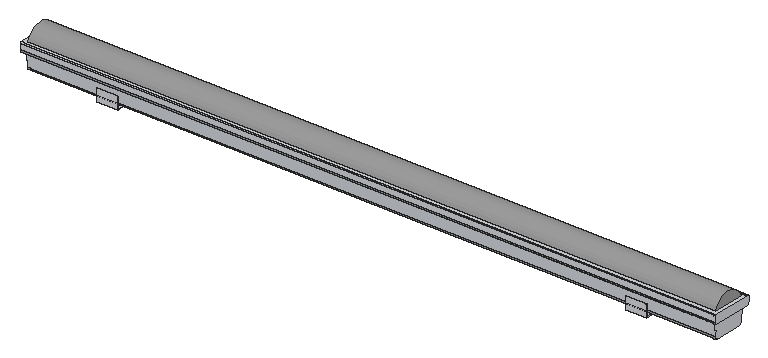
Revit family "0010279", category Lighting Fixtures, host Face, Revit 2017
Family settings
  Host = Face
  Round Connector Dimension = Use Diameter
  Part Type = Normal
  OmniClass Number = 23.80.70.00
  OmniClass Title = Lighting
  Cut with Voids When Loaded = No
  Light Source = Yes
  Shared = No
  Room Calculation Point = No
Parameters (values of type "0010279 RESISTO 1500 HE IP66 DALI 8300LM 840")
  Weight = "2.01 kg"
  Wattage Comments = ""
  Wattage = 54 W
  WarrantyStartDate [instance] = "n/a"
  WarrantyGuarantorParts = "n/a"
  WarrantyDurationUnit = "n/a"
  WarrantyDurationParts = "n/a"
  WarrantyDescription = "n/a"
  WIDTH_SYL = 44.5 mm
  built-in parameter 1150110 = 1 (stored number, unit not read)
  Voltage = 0 V
  URL = "http://www.sylvania-lighting.com"
  TypeName = "Resisto 1500 HE IP66 DALI 8300lm 840"
  Type Image = <None>
  Type Comments = "n/a"
  built-in parameter 1114217 = 1 (stored number, unit not read)
  Tilt Angle = -90.00°
  built-in parameter 1150109 = 1 (stored number, unit not read)
  built-in parameter 1150134 = 12
  TOP_WIDTH_SYL = 33.5 mm
  built-in parameter 1150113 = 1 (stored number, unit not read)
  SerialNumber [instance] = "n/a"
  Photometric Web File = "0010279.ies"
  Material_3_SYL = none
  PowerFactor = 0.99
  PowerConsumption = "54 W"
  NominalLength = 1500 mm
  NominalHeight = 80 mm
  NominalDepth = 87 mm
  Name = "Resisto 1500 HE IP66 DALI 8300lm 840"
  ModelReference = Name  # "Resisto 1500 HE IP66 DALI 8300lm 840"
  ModelNumber = "0010279"
  Model = Name  # "Resisto 1500 HE IP66 DALI 8300lm 840"
  Material = "pc polycarbonate housing, pc polycarbonate diffuser"
  ManufacturerName = "Feilo Sylvania"
  Manufacturer = "Feilo Sylvania"
  MID_WIDTH_SYL = 36 mm
  LuminousEfficacy = "154 lm/W"
  built-in parameter 1150105 = 2773 (stored number, unit not read)
  Lumens = 8316 lm
  LuminaireType = ""
  built-in parameter 1150115 = 1 (stored number, unit not read)
  LightOutputRatio = "n/a"
  built-in parameter 1150137 = (empty or 0)
  built-in parameter 1150139 = (empty or 0)
  LampsType = Lamp  # "LED"
  LampNominalLuminous = "8300 lm"
  LampMacAdamStep = "3"
  LampColourTemperature = "4000 K"
  LampColourRenderingIndex = "80"
  built-in parameter 1150112 = 1 (stored number, unit not read)
  built-in parameter 1150114 = 1 (stored number, unit not read)
  Lamp = "LED"
  LENGHT_SYL = if(L1500_SYL, 742 mm, if(L1200_SYL, 592 mm, 317 mm))  # 742 mm
  LENGHT_CHAMFER_SYL = if(L1500_SYL, 750 mm, if(L1200_SYL, 600 mm, 325 mm))  # 750 mm
  LENGHT_650_SYL = 325 mm
  LENGHT-_SYL = if(L1500_SYL, -742 mm, if(L1200_SYL, -592 mm, -317 mm))  # -742 mm
  LENGHT-_CHAMFER_SYL = if(L1500_SYL, -750 mm, if(L1200_SYL, -600 mm, -325 mm))  # -750 mm
  LEGHT_650-_SYL = -325 mm
  LEGHT_1500_SYL = 750 mm
  LEGHT_1500-_SYL = -750 mm
  LEGHT_1200_SYL = 600 mm
  LEGHT_1200-_SYL = -600 mm
  L0650_SYL = no
  L1500_SYL = yes
  L1200_SYL = no
  Keynote = "16500"
  InstallationDate [instance] = "n/a"
  InputVoltage = "n/a"
  InputNominalFrequency = "n/a"
  built-in parameter 1150132 = (empty or 0)
  built-in parameter 1150102 = (empty or 0)
  built-in parameter 1150107 = 4000 (stored number, unit not read)
  built-in parameter 1150138 = (empty or 0)
  IngressProtection = "IP66"
  ImpactProtectionIndex = "IK08"
  built-in parameter 1150106 = 27.73 (stored number, unit not read)
  IfcExportType = "IfcLightFixtureType"
  IfcExportAs = "IfcLightFixtureType"
  Emit from Circle Diameter = 609.6 mm
  Emit Shape Visible in Rendering = no
  ElectricShockClassification = "Class I"
  built-in parameter 1150104 = 14.307 (stored number, unit not read)
  DocumentationLiterature = "http://www.sylvania-lighting.com/product/en-int/products/0010279"
  DimmingControlOptions = "n/a"
  Material_2_SYL = none
  Dimming Lamp Color Temperature Shift = <None>
  Description = "Resisto, integrated LED weatherproof luminaire, with UV stabilized flat diffuser designed to achieve uniform lit appearance, optimise light output and to reduce glare. 301 stainless steel diffuser clips and fixing brackets for surface mounting. Polycarbonate housing and diffuser - no yellow discolouration over time. 8300lm; 54W; 154lm/W; 4000K; SDCM<3; DALI dimmable; CRI80; IP66; IK08; Class I; 69,000hrs (L80B20) lifespan; 1500mm x 89mm x 88mm; D-mark."
  Default Elevation = 1219.2 mm
  DIF_WIDHT_SYL = 35 mm
  DIF_HEIGHT_SYL = 24 mm
  CreatedOn = "3/10/2021"
  CreatedBy = "@sylvania-lighting.com"
  Cost = 0
  Color Filter = 16777215
  built-in parameter 1114216 [instance] = (empty or 0)
  ClassificationValue = "EF_70_80"
  ClassificationName = "Uniclass2015"
  Material_1_SYL = Default
  CHAMFER_SYL = 19 mm
  BarCode [instance] = "n/a"
  built-in parameter 1114218 = 1 (stored number, unit not read)
  BRACKET_WIDTH_SYL = BRACKET_DIST_SYL - 44 mm  # 550 mm
  BRACKET_HEIGHT_SYL = 9 mm
  BRACKET_DIST_SYL = LENGHT_CHAMFER_SYL - 156 mm  # 594 mm
  BODY_SYL = 36 mm
  built-in parameter 1150133 = 10 (stored number, unit not read)
  AssetType = "Fixed"
  AssetIdentifier [instance] = "n/a"
  Assembly Code = "D5020200"
  Apparent Load = 54 VA
  Material_4_SYL = none
Reference planes
  plane 1 "Center (Front/Back)": y = 0
  plane 2: z = 0
  plane 3 "Center (Left/Right)": x = 0
  plane 4: z = 9
  plane 5: z = 45
  plane 6: z = 64
  plane 7: z = 88
  plane 8: y = -44.5
  plane 9: y = 44.5
  plane 10: y = -35
  plane 11: y = 35
  plane 12: y = 33.5
  plane 13: y = -33.5
  plane 14: y = -36
  plane 15: y = 36
  plane 16: z = 1
Forms (mm)
  Extrusion 1, solid
    sketch origin (319, 1524, 1219.2) x (0, 1, 0) y (0, 0, 1)
      loop
        line (-1552.835, -1210.2) -> (-1495.165, -1210.2)
        arc (-1495.165, -1210.2) -> (-1491.754, -1208.856) -> (-1490.177, -1205.546) r 5
        line (-1490.177, -1205.546) -> (-1488.323, -1178.854) -> (-1488, -1174.2) -> (-1560, -1174.2) -> (-1559.677, -1178.854) -> (-1557.823, -1205.546)
        arc (-1557.823, -1205.546) -> (-1556.246, -1208.856) -> (-1552.835, -1210.2) r 5
    from -742 <- "LENGHT-_SYL" to 742 <- "LENGHT_SYL"
  Extrusion 2, solid, material "Default" <- "Material_1_SYL"
    sketch origin (319, 1524, 1219.2) x (0, 1, 0) y (0, 0, 1)
      loop
        arc (-1490.5, -1155.2) -> (-1524, -1131.2) -> (-1557.5, -1155.2) r 35.38
        line (-1557.5, -1155.2) -> (-1490.5, -1155.2)
    from -742 <- "LENGHT-_SYL" to 742 <- "LENGHT_SYL"
  Extrusion 3, solid
    sketch origin (319, 1524, 1219.2) x (0, 1, 0) y (0, 0, 1)
      loop
        line (-1481.5, -1155.2) -> (-1566.5, -1155.2)
        arc (-1566.5, -1155.2) -> (-1567.914, -1155.786) -> (-1568.5, -1157.2) r 2
        line (-1568.5, -1157.2) -> (-1568.5, -1169.2)
        arc (-1568.5, -1169.2) -> (-1567.036, -1172.736) -> (-1563.5, -1174.2) r 5
        line (-1563.5, -1174.2) -> (-1484.5, -1174.2)
        arc (-1484.5, -1174.2) -> (-1480.964, -1172.736) -> (-1479.5, -1169.2) r 5
        line (-1479.5, -1169.2) -> (-1479.5, -1157.2)
        arc (-1479.5, -1157.2) -> (-1480.086, -1155.786) -> (-1481.5, -1155.2) r 2
    from -750 <- "LENGHT-_CHAMFER_SYL" to 750 <- "LENGHT_CHAMFER_SYL"
  Extrusion 4, solid
    sketch origin (319, 1524, 1219.2) x (0, 1, 0) y (0, 0, 1)
      loop
        line (-1489, -1219.2) -> (-1489, -1192.216) -> (-1490.5, -1192.216) -> (-1490.5, -1218.2) -> (-1557.5, -1218.2) -> (-1557.5, -1192.172) -> (-1559, -1192.172) -> (-1559, -1219.2) -> (-1489, -1219.2)
    from 550 <- "BRACKET_WIDTH_SYL" to 594 <- "BRACKET_DIST_SYL"
  Extrusion 5, solid
    sketch origin (321, 1524, 1219.2) x (0, 1, 0) y (0, 0, -1)
      loop
        line (-1489, 1219.2) -> (-1559, 1219.2) -> (-1559, 1192.172) -> (-1557.5, 1192.172) -> (-1557.5, 1218.2) -> (-1490.5, 1218.2) -> (-1490.5, 1192.216) -> (-1489, 1192.216) -> (-1489, 1219.2)
    from 550 <- "BRACKET_WIDTH_SYL" to 594 <- "BRACKET_DIST_SYL"
Dimensions and locks
  "BRACKET_HEIGHT_SYL": plane 4 to host face
  "BODY_SYL": plane 4 to plane 5
  "CHAMFER_SYL": plane 5 to plane 6
  "DIF_HEIGHT_SYL": plane 6 to plane 7
  "WIDTH_SYL": plane 9 to plane 1 "Center (Front/Back)" to plane 8
  "DIF_WIDHT_SYL": plane 11 to plane 1 "Center (Front/Back)" to plane 10
  "TOP_WIDTH_SYL": plane 12 to plane 1 "Center (Front/Back)" to plane 13
  "MID_WIDTH_SYL": plane 15 to plane 1 "Center (Front/Back)" to plane 14
  aligned and locked: plane 2 to host face
  aligned and locked: level to host face
  aligned and locked: Extrusion 3 sketch curve to plane 6
  aligned and locked: Extrusion 3 sketch curve to plane 9
  aligned and locked: plane 5 to Extrusion 3 sketch curve
  aligned and locked: plane 8 to Extrusion 3 sketch curve
Automatic sketch dimensions
  host sketch curve to host sketch curve = 2438.4 mm  (x2)
  plane 5 to Extrusion 1 sketch curve = 0 mm
  Extrusion 1 sketch curve to plane 14 = 0 mm
  plane 4 to Extrusion 1 sketch curve = 0 mm
  Extrusion 1 sketch curve to plane 15 = 0 mm
  Extrusion 1 sketch curve to plane 14 = 0.323 mm
  plane 13 to Extrusion 1 sketch curve = 0.323 mm
  Extrusion 1 sketch curve to plane 13 = 4.665 mm
  plane 12 to Extrusion 1 sketch curve = 4.665 mm
  Extrusion 1 sketch curve to plane 12 = 0.323 mm
  plane 15 to Extrusion 1 sketch curve = 0.323 mm
  Extrusion 1 sketch curve to plane 4 = 4.654 mm  (x2)
  plane 5 to Extrusion 1 sketch curve = 4.654 mm  (x2)
  plane 6 to Extrusion 2 sketch curve = 0 mm
  Extrusion 2 sketch curve to plane 13 = 0 mm
  Extrusion 2 sketch curve to plane 1 "Center (Front/Back)" = 0 mm
  Extrusion 2 sketch curve to plane 5 = 7.62 mm
  Extrusion 3 sketch curve to plane 8 = 2 mm
  plane 14 to Extrusion 3 sketch curve = 3.5 mm
  Extrusion 3 sketch curve to plane 15 = 3.5 mm
  plane 6 to Extrusion 3 sketch curve = 2 mm
  Extrusion 4 sketch curve to level = 0 mm
  Extrusion 4 sketch curve to plane 10 = 0 mm
  Extrusion 4 sketch curve to plane 13 = 0 mm
  Extrusion 4 sketch curve to plane 12 = 0 mm
  Extrusion 4 sketch curve to plane 11 = 0 mm
  plane 16 to Extrusion 4 sketch curve = 0 mm
  Extrusion 4 sketch curve to plane 4 = 17.984 mm
  plane 5 to Extrusion 4 sketch curve = 17.972 mm
  Extrusion 5 sketch curve to level = 0 mm
  Extrusion 5 sketch curve to plane 10 = 0 mm
  Extrusion 5 sketch curve to plane 13 = 0 mm
  Extrusion 5 sketch curve to plane 12 = 0 mm
  Extrusion 5 sketch curve to plane 11 = 0 mm
  plane 16 to Extrusion 5 sketch curve = 0 mm
  Extrusion 5 sketch curve to plane 4 = 17.984 mm
  plane 5 to Extrusion 5 sketch curve = 17.972 mm
Connectors
  electrical at (-423, 0, 27)
    settings: on Extrusion 1, index 1, voltage 0 V, apparent load 0 VA, apparent load phase1 0 VA, apparent load phase2 0 VA, apparent load phase3 0 VA, power factor 1, load classification "Other", number of poles 1, system type 31, power factor state 1, is connector primary yes, connector utility no, sub classification motor no, connector description ""
Types (60, lengths in mm): name | Weight | Wattage | TypeName | built-in parameter 1150134 | Photometric Web File | PowerFactor | PowerConsumption | NominalLength | Name | ModelReference | ModelNumber | Model | LuminousEfficacy | built-in parameter 1150105 | Lumens | LampNominalLuminous | LampMacAdamStep | LampColourTemperature | LENGHT_SYL | LENGHT_CHAMFER_SYL | LENGHT-_SYL | LENGHT-_CHAMFER_SYL | L0650_SYL | L1500_SYL | L1200_SYL | built-in parameter 1150107 | built-in parameter 1150106 | built-in parameter 1150104 | DocumentationLiterature | Description | BRACKET_WIDTH_SYL | BRACKET_DIST_SYL | Apparent Load
  0010278 RESISTO 1500 HE IP66 8300LM 840 | "1.95 kg" | 54 W | "Resisto 1500 HE IP66 8300lm 840" | 12 | "0010278.ies" | 0.95 | "54 W" | 1500 | "Resisto 1500 HE IP66 8300lm 840" | "Resisto 1500 HE IP66 8300lm 840" | "0010278" | "Resisto 1500 HE IP66 8300lm 840" | "154 lm/W" | 2674.3 (stored number, unit not read) | 8316 lm | "8300 lm" | "3" | "4000 K" | 742 | 750 | -742 | -750 | no | yes | no | 4000 (stored number, unit not read) | 26.743 (stored number, unit not read) | 14.307 (stored number, unit not read) | "http://www.sylvania-lighting.com/product/en-int/products/0010278" | "Resisto, integrated LED weatherproof luminaire, with UV stabilized flat diffuser designed to achieve uniform lit appearance, optimise light output and to reduce glare. 301 stainless steel diffuser clips and fixing brackets for surface mounting. Polycarbonate housing and diffuser - no yellow discolouration over time. 8300lm; 54W; 154lm/W; 4000K; SDCM<3; non dimmable; CRI80; IP66; IK08; Class I; 69,000hrs (L80B20) lifespan; 1500mm x 89mm x 88mm; D-mark." | 550 | 594 | 54 VA
  0010274 RESISTO 1500 HE IP66 DALI 7100LM 840 | "2.01 kg" | 46 W | "Resisto 1500 HE IP66 DALI 7100lm 840" | 12 | "0010274.ies" | 0.98 | "46 W" | 1500 | "Resisto 1500 HE IP66 DALI 7100lm 840" | "Resisto 1500 HE IP66 DALI 7100lm 840" | "0010274" | "Resisto 1500 HE IP66 DALI 7100lm 840" | "154 lm/W" | 2362.2 (stored number, unit not read) | 7084 lm | "7100 lm" | "3" | "4000 K" | 742 | 750 | -742 | -750 | no | yes | no | 4000 (stored number, unit not read) | 23.622 (stored number, unit not read) | 14.307 (stored number, unit not read) | "http://www.sylvania-lighting.com/product/en-int/products/0010274" | "Resisto, integrated LED weatherproof luminaire, with UV stabilized flat diffuser designed to achieve uniform lit appearance, optimise light output and to reduce glare. 301 stainless steel diffuser clips and fixing brackets for surface mounting. Polycarbonate housing and diffuser - no yellow discolouration over time. 7100lm; 46W; 154lm/W; 4000K; SDCM<3; DALI dimmable; CRI80; IP66; IK08; Class I; 69,000hrs (L80B20) lifespan; 1500mm x 89mm x 88mm; D-mark." | 550 | 594 | 46 VA
  0010273 RESISTO 1500 HE IP66 DALI 4000LM 840 | "1.95 kg" | 25 W | "Resisto 1500 HE IP66 DALI 4000lm 840" | 12 | "0010273.ies" | 0.98 | "25 W" | 1500 | "Resisto 1500 HE IP66 DALI 4000lm 840" | "Resisto 1500 HE IP66 DALI 4000lm 840" | "0010273" | "Resisto 1500 HE IP66 DALI 4000lm 840" | "160 lm/W" | 1286.3 (stored number, unit not read) | 4000 lm | "4000 lm" | "3" | "4000 K" | 742 | 750 | -742 | -750 | no | yes | no | 4000 (stored number, unit not read) | 12.863 (stored number, unit not read) | 14.864 (stored number, unit not read) | "http://www.sylvania-lighting.com/product/en-int/products/0010273" | "Resisto, integrated LED weatherproof luminaire, with UV stabilized flat diffuser designed to achieve uniform lit appearance, optimise light output and to reduce glare. 301 stainless steel diffuser clips and fixing brackets for surface mounting. Polycarbonate housing and diffuser - no yellow discolouration over time. 4000lm; 25W; 160lm/W; 4000K; SDCM<3; DALI dimmable; CRI80; IP66; IK08; Class I; 69,000hrs (L80B20) lifespan; 1500mm x 89mm x 88mm; D-mark." | 550 | 594 | 25 VA
  0010272 RESISTO 1500 HE IP66 7100LM 840 EM | "2.58 kg" | 50 W | "Resisto 1500 HE IP66 7100lm 840 EM" | 12 | "0010272.ies" | 0.95 | "50 W" | 1500 | "Resisto 1500 HE IP66 7100lm 840 EM" | "Resisto 1500 HE IP66 7100lm 840 EM" | "0010272" | "Resisto 1500 HE IP66 7100lm 840 EM" | "142 lm/W" | 2367.5 (stored number, unit not read) | 7100 lm | "7100 lm" | "3" | "4000 K" | 742 | 750 | -742 | -750 | no | yes | no | 4000 (stored number, unit not read) | 23.675 (stored number, unit not read) | 13.192 (stored number, unit not read) | "http://www.sylvania-lighting.com/product/en-int/products/0010272" | "Resisto, integrated LED weatherproof luminaire, with UV stabilized flat diffuser designed to achieve uniform lit appearance, optimise light output and to reduce glare. 301 stainless steel diffuser clips and fixing brackets for surface mounting. Polycarbonate housing and diffuser - no yellow discolouration over time. 7100lm; 50W; 142lm/W; 4000K; SDCM<3; non dimmable; CRI80; IP66; IK08; Class I; 69,000hrs (L80B20) lifespan; 1500mm x 89mm x 88mm; D-mark; 3-hour maintained emergency batteries." | 550 | 594 | 50 VA
  0010271 RESISTO 1500 HE IP66 4000LM 840 EM | "2.51 kg" | 29 W | "Resisto 1500 HE IP66 4000lm 840 EM" | 12 | "0010271.ies" | 0.95 | "29 W" | 1500 | "Resisto 1500 HE IP66 4000lm 840 EM" | "Resisto 1500 HE IP66 4000lm 840 EM" | "0010271" | "Resisto 1500 HE IP66 4000lm 840 EM" | "138 lm/W" | 1287 (stored number, unit not read) | 4002 lm | "4000 lm" | "3" | "4000 K" | 742 | 750 | -742 | -750 | no | yes | no | 4000 (stored number, unit not read) | 12.87 (stored number, unit not read) | 12.821 (stored number, unit not read) | "http://www.sylvania-lighting.com/product/en-int/products/0010271" | "Resisto, integrated LED weatherproof luminaire, with UV stabilized flat diffuser designed to achieve uniform lit appearance, optimise light output and to reduce glare. 301 stainless steel diffuser clips and fixing brackets for surface mounting. Polycarbonate housing and diffuser - no yellow discolouration over time. 4000lm; 29W; 138lm/W; 4000K; SDCM<3; non dimmable; CRI80; IP66; IK08; Class I; 69,000hrs (L80B20) lifespan; 1500mm x 89mm x 88mm; D-mark; 3-hour maintained emergency batteries." | 550 | 594 | 29 VA
  0010269 RESISTO 1500 HE IP66 7100LM 840 | "1.95 kg" | 46 W | "Resisto  1500 HE IP66 7100lm 840" | 12 | "0010269.ies" | 0.95 | "46 W" | 1500 | "Resisto  1500 HE IP66 7100lm 840" | "Resisto  1500 HE IP66 7100lm 840" | "0010269" | "Resisto  1500 HE IP66 7100lm 840" | "154 lm/W" | 2362.2 (stored number, unit not read) | 7084 lm | "7100 lm" | "3" | "4000 K" | 742 | 750 | -742 | -750 | no | yes | no | 4000 (stored number, unit not read) | 23.622 (stored number, unit not read) | 14.307 (stored number, unit not read) | "http://www.sylvania-lighting.com/product/en-int/products/0010269" | "Resisto, integrated LED weatherproof luminaire, with UV stabilized flat diffuser designed to achieve uniform lit appearance, optimise light output and to reduce glare. 301 stainless steel diffuser clips and fixing brackets for surface mounting. Polycarbonate housing and diffuser - no yellow discolouration over time. 7100lm; 46W; 154lm/W; 4000K; SDCM<3; non dimmable; CRI80; IP66; IK08; Class I; 69,000hrs (L80B20) lifespan; 1500mm x 89mm x 88mm; D-mark." | 550 | 594 | 46 VA
  0010268 RESISTO 1500 HE IP66 4000LM 840 | "1.87 kg" | 25 W | "Resisto  1500 HE IP66 4000lm 840" | 12 | "0010268.ies" | 0.95 | "25 W" | 1500 | "Resisto  1500 HE IP66 4000lm 840" | "Resisto  1500 HE IP66 4000lm 840" | "0010268" | "Resisto  1500 HE IP66 4000lm 840" | "160 lm/W" | 1286.3 (stored number, unit not read) | 4000 lm | "4000 lm" | "3" | "4000 K" | 742 | 750 | -742 | -750 | no | yes | no | 4000 (stored number, unit not read) | 12.863 (stored number, unit not read) | 14.864 (stored number, unit not read) | "http://www.sylvania-lighting.com/product/en-int/products/0010268" | "Resisto, integrated LED weatherproof luminaire, with UV stabilized flat diffuser designed to achieve uniform lit appearance, optimise light output and to reduce glare. 301 stainless steel diffuser clips and fixing brackets for surface mounting. Polycarbonate housing and diffuser - no yellow discolouration over time. 4000lm; 25W; 160lm/W; 4000K; SDCM<3; non dimmable; CRI80; IP66; IK08; Class I; 69,000hrs (L80B20) lifespan; 1500mm x 89mm x 88mm; D-mark." | 550 | 594 | 25 VA
  0010261 RESISTO 1500 IP66 DALI 8300LM 840 | "2.01 kg" | 61 W | "Resisto  1500 IP66 DALI 8300lm 840" | 12 | "0010261.ies" | 0.99 | "61 W" | 1500 | "Resisto  1500 IP66 DALI 8300lm 840" | "Resisto  1500 IP66 DALI 8300lm 840" | "0010261" | "Resisto  1500 IP66 DALI 8300lm 840" | "136 lm/W" | 2792.8 (stored number, unit not read) | 8296 lm | "8300 lm" | "5" | "4000 K" | 742 | 750 | -742 | -750 | no | yes | no | 4000 (stored number, unit not read) | 27.928 (stored number, unit not read) | 12.635 (stored number, unit not read) | "http://www.sylvania-lighting.com/product/en-int/products/0010261" | "Resisto, integrated LED weatherproof luminaire, with UV stabilized flat diffuser designed to achieve uniform lit appearance, optimise light output and to reduce glare. 301 stainless steel diffuser clips and fixing brackets for surface mounting. Polycarbonate housing and diffuser - no yellow discolouration over time. 8300lm; 61W; 136lm/W; 4000K; SDCM<5; DALI dimmable; CRI80; IP66; IK08; Class I; 69,000hrs (L80B20) lifespan; 1500mm x 89mm x 88mm; D-mark." | 550 | 594 | 61 VA
  0010260 RESISTO 1500 IP66 DALI 7100LM 840 | "2.01 kg" | 52 W | "Resisto  1500 IP66 DALI 7100lm 840" | 12 | "0010260.ies" | 0.99 | "52 W" | 1500 | "Resisto  1500 IP66 DALI 7100lm 840" | "Resisto  1500 IP66 DALI 7100lm 840" | "0010260" | "Resisto  1500 IP66 DALI 7100lm 840" | "137 lm/W" | 2375.5 (stored number, unit not read) | 7124 lm | "7100 lm" | "5" | "4000 K" | 742 | 750 | -742 | -750 | no | yes | no | 4000 (stored number, unit not read) | 23.755 (stored number, unit not read) | 12.728 (stored number, unit not read) | "http://www.sylvania-lighting.com/product/en-int/products/0010260" | "Resisto, integrated LED weatherproof luminaire, with UV stabilized flat diffuser designed to achieve uniform lit appearance, optimise light output and to reduce glare. 301 stainless steel diffuser clips and fixing brackets for surface mounting. Polycarbonate housing and diffuser - no yellow discolouration over time. 7100lm; 52W; 137lm/W; 4000K; SDCM<5; DALI dimmable; CRI80; IP66; IK08; Class I; 69,000hrs (L80B20) lifespan; 1500mm x 89mm x 88mm; D-mark." | 550 | 594 | 52 VA
  0010259 RESISTO 1500 IP66 DALI 4000LM 840 | "1.95 kg" | 30 W | "Resisto  1500 IP66 DALI 4000lm 840" | 12 | "0010259.ies" | 0.98 | "30 W" | 1500 | "Resisto  1500 IP66 DALI 4000lm 840" | "Resisto  1500 IP66 DALI 4000lm 840" | "0010259" | "Resisto  1500 IP66 DALI 4000lm 840" | "133 lm/W" | 1283.1 (stored number, unit not read) | 3990 lm | "4000 lm" | "5" | "4000 K" | 742 | 750 | -742 | -750 | no | yes | no | 4000 (stored number, unit not read) | 12.831 (stored number, unit not read) | 12.356 (stored number, unit not read) | "http://www.sylvania-lighting.com/product/en-int/products/0010259" | "Resisto, integrated LED weatherproof luminaire, with UV stabilized flat diffuser designed to achieve uniform lit appearance, optimise light output and to reduce glare. 301 stainless steel diffuser clips and fixing brackets for surface mounting. Polycarbonate housing and diffuser - no yellow discolouration over time. 4000lm; 30W; 133lm/W; 4000K; SDCM<5; DALI dimmable; CRI80; IP66; IK08; Class I; 69,000hrs (L80B20) lifespan; 1500mm x 89mm x 88mm; D-mark." | 550 | 594 | 30 VA
  0010258 RESISTO 1500 IP66 MWCOR 7100LM 840 | "2.06 kg" | 52 W | "Resisto  1500 IP66 MWcor 7100lm 840" | 12 | "0010258.ies" | 0.99 | "52 W" | 1500 | "Resisto  1500 IP66 MWcor 7100lm 840" | "Resisto  1500 IP66 MWcor 7100lm 840" | "0010258" | "Resisto  1500 IP66 MWcor 7100lm 840" | "137 lm/W" | 2375.5 (stored number, unit not read) | 7124 lm | "7100 lm" | "5" | "4000 K" | 742 | 750 | -742 | -750 | no | yes | no | 4000 (stored number, unit not read) | 23.755 (stored number, unit not read) | 12.728 (stored number, unit not read) | "http://www.sylvania-lighting.com/product/en-int/products/0010258" | "Resisto, integrated LED weatherproof luminaire, with UV stabilized flat diffuser designed to achieve uniform lit appearance, optimise light output and to reduce glare. 301 stainless steel diffuser clips and fixing brackets for surface mounting. Polycarbonate housing and diffuser - no yellow discolouration over time. 7100lm; 52W; 137lm/W; 4000K; SDCM<5; non dimmable; CRI80; IP66; IK08; Class I; 69,000hrs (L80B20) lifespan; 1500mm x 89mm x 88mm; D-mark; corridor function with microwave presence sensor." | 550 | 594 | 52 VA
  0010257 RESISTO 1500 IP66 MWCOR 4000LM 840 | "2.0 kg" | 30 W | "Resisto  1500 IP66 MWcor 4000lm 840" | 12 | "0010257.ies" | 0.98 | "30 W" | 1500 | "Resisto  1500 IP66 MWcor 4000lm 840" | "Resisto  1500 IP66 MWcor 4000lm 840" | "0010257" | "Resisto  1500 IP66 MWcor 4000lm 840" | "133 lm/W" | 1283.1 (stored number, unit not read) | 3990 lm | "4000 lm" | "5" | "4000 K" | 742 | 750 | -742 | -750 | no | yes | no | 4000 (stored number, unit not read) | 12.831 (stored number, unit not read) | 12.356 (stored number, unit not read) | "http://www.sylvania-lighting.com/product/en-int/products/0010257" | "Resisto, integrated LED weatherproof luminaire, with UV stabilized flat diffuser designed to achieve uniform lit appearance, optimise light output and to reduce glare. 301 stainless steel diffuser clips and fixing brackets for surface mounting. Polycarbonate housing and diffuser - no yellow discolouration over time. 4000lm; 30W; 133lm/W; 4000K; SDCM<5; non dimmable; CRI80; IP66; IK08; Class I; 69,000hrs (L80B20) lifespan; 1500mm x 89mm x 88mm; D-mark; corridor function with microwave presence sensor." | 550 | 594 | 30 VA
  0010256 RESISTO 1500 IP66 MW 7100LM 840 | "2.0 kg" | 52 W | "Resisto  1500 IP66 MW 7100lm 840" | 12 | "0010256.ies" | 0.95 | "52 W" | 1500 | "Resisto  1500 IP66 MW 7100lm 840" | "Resisto  1500 IP66 MW 7100lm 840" | "0010256" | "Resisto  1500 IP66 MW 7100lm 840" | "137 lm/W" | 2375.5 (stored number, unit not read) | 7124 lm | "7100 lm" | "5" | "4000 K" | 742 | 750 | -742 | -750 | no | yes | no | 4000 (stored number, unit not read) | 23.755 (stored number, unit not read) | 12.728 (stored number, unit not read) | "http://www.sylvania-lighting.com/product/en-int/products/0010256" | "Resisto, integrated LED weatherproof luminaire, with UV stabilized flat diffuser designed to achieve uniform lit appearance, optimise light output and to reduce glare. 301 stainless steel diffuser clips and fixing brackets for surface mounting. Polycarbonate housing and diffuser - no yellow discolouration over time. 7100lm; 52W; 137lm/W; 4000K; SDCM<5; non dimmable; CRI80; IP66; IK08; Class I; 69,000hrs (L80B20) lifespan; 1500mm x 89mm x 88mm; D-mark; MW On/Off." | 550 | 594 | 52 VA
  0010255 RESISTO 1500 IP66 MW 4000LM 840 | "1.92 kg" | 30 W | "Resisto  1500 IP66 MW 4000lm 840" | 12 | "0010255.ies" | 0.95 | "30 W" | 1500 | "Resisto  1500 IP66 MW 4000lm 840" | "Resisto  1500 IP66 MW 4000lm 840" | "0010255" | "Resisto  1500 IP66 MW 4000lm 840" | "133 lm/W" | 1283.1 (stored number, unit not read) | 3990 lm | "4000 lm" | "5" | "4000 K" | 742 | 750 | -742 | -750 | no | yes | no | 4000 (stored number, unit not read) | 12.831 (stored number, unit not read) | 12.356 (stored number, unit not read) | "http://www.sylvania-lighting.com/product/en-int/products/0010255" | "Resisto, integrated LED weatherproof luminaire, with UV stabilized flat diffuser designed to achieve uniform lit appearance, optimise light output and to reduce glare. 301 stainless steel diffuser clips and fixing brackets for surface mounting. Polycarbonate housing and diffuser - no yellow discolouration over time. 4000lm; 30W; 133lm/W; 4000K; SDCM<5; non dimmable; CRI80; IP66; IK08; Class I; 69,000hrs (L80B20) lifespan; 1500mm x 89mm x 88mm; D-mark; MW On/Off." | 550 | 594 | 30 VA
  0010254 RESISTO 1500 IP66 7100LM 840 EM | "2.59 kg" | 56 W | "Resisto  1500 IP66 7100lm 840 EM" | 12 | "0010254.ies" | 0.95 | "56 W" | 1500 | "Resisto  1500 IP66 7100lm 840 EM" | "Resisto  1500 IP66 7100lm 840 EM" | "0010254" | "Resisto  1500 IP66 7100lm 840 EM" | "127 lm/W" | 2371.5 (stored number, unit not read) | 7112 lm | "7100 lm" | "5" | "4000 K" | 742 | 750 | -742 | -750 | no | yes | no | 4000 (stored number, unit not read) | 23.715 (stored number, unit not read) | 11.799 (stored number, unit not read) | "http://www.sylvania-lighting.com/product/en-int/products/0010254" | "Resisto, integrated LED weatherproof luminaire, with UV stabilized flat diffuser designed to achieve uniform lit appearance, optimise light output and to reduce glare. 301 stainless steel diffuser clips and fixing brackets for surface mounting. Polycarbonate housing and diffuser - no yellow discolouration over time. 7100lm; 56W; 127lm/W; 4000K; SDCM<5; non dimmable; CRI80; IP66; IK08; Class I; 69,000hrs (L80B20) lifespan; 1500mm x 89mm x 88mm; D-mark; 3-hour maintained emergency batteries." | 550 | 594 | 56 VA
  0010253 RESISTO 1500 IP66 4000LM 840 EM | "2.5 kg" | 34 W | "Resisto  1500 IP66 4000lm 840 EM" | 12 | "0010253.ies" | 0.95 | "34 W" | 1500 | "Resisto  1500 IP66 4000lm 840 EM" | "Resisto  1500 IP66 4000lm 840 EM" | "0010253" | "Resisto  1500 IP66 4000lm 840 EM" | "118 lm/W" | 1290.2 (stored number, unit not read) | 4012 lm | "4000 lm" | "5" | "4000 K" | 742 | 750 | -742 | -750 | no | yes | no | 4000 (stored number, unit not read) | 12.902 (stored number, unit not read) | 10.963 (stored number, unit not read) | "http://www.sylvania-lighting.com/product/en-int/products/0010253" | "Resisto, integrated LED weatherproof luminaire, with UV stabilized flat diffuser designed to achieve uniform lit appearance, optimise light output and to reduce glare. 301 stainless steel diffuser clips and fixing brackets for surface mounting. Polycarbonate housing and diffuser - no yellow discolouration over time. 4000lm; 34W; 118lm/W; 4000K; SDCM<5; non dimmable; CRI80; IP66; IK08; Class I; 69,000hrs (L80B20) lifespan; 1500mm x 89mm x 88mm; D-mark; 3-hour maintained emergency batteries." | 550 | 594 | 34 VA
  0010252 RESISTO 1500 IP66 7100LM 840 5XTH | "2.18 kg" | 52 W | "Resisto 1500 IP66 7100lm 840 5xTH" | 12 | "0010252.ies" | 0.95 | "52 W" | 1500 | "Resisto 1500 IP66 7100lm 840 5xTH" | "Resisto 1500 IP66 7100lm 840 5xTH" | "0010252" | "Resisto 1500 IP66 7100lm 840 5xTH" | "137 lm/W" | 2375.5 (stored number, unit not read) | 7124 lm | "7100 lm" | "5" | "4000 K" | 742 | 750 | -742 | -750 | no | yes | no | 4000 (stored number, unit not read) | 23.755 (stored number, unit not read) | 12.728 (stored number, unit not read) | "http://www.sylvania-lighting.com/product/en-int/products/0010252" | "Resisto, integrated LED weatherproof luminaire, with UV stabilized flat diffuser designed to achieve uniform lit appearance, optimise light output and to reduce glare. 301 stainless steel diffuser clips and fixing brackets for surface mounting. Polycarbonate housing and diffuser - no yellow discolouration over time. 7100lm; 52W; 137lm/W; 4000K; SDCM<5; non dimmable; CRI80; IP66; IK08; Class I; 69,000hrs (L80B20) lifespan; 1500mm x 89mm x 88mm; D-mark; through wiring." | 550 | 594 | 52 VA
  0010251 RESISTO 1500 IP66 4000LM 840 5XTH | "2.1 kg" | 30 W | "Resisto 1500 IP66 4000lm 840 5xTH" | 12 | "0010251.ies" | 0.95 | "30 W" | 1500 | "Resisto 1500 IP66 4000lm 840 5xTH" | "Resisto 1500 IP66 4000lm 840 5xTH" | "0010251" | "Resisto 1500 IP66 4000lm 840 5xTH" | "133 lm/W" | 1283.1 (stored number, unit not read) | 3990 lm | "4000 lm" | "5" | "4000 K" | 742 | 750 | -742 | -750 | no | yes | no | 4000 (stored number, unit not read) | 12.831 (stored number, unit not read) | 12.356 (stored number, unit not read) | "http://www.sylvania-lighting.com/product/en-int/products/0010251" | "Resisto, integrated LED weatherproof luminaire, with UV stabilized flat diffuser designed to achieve uniform lit appearance, optimise light output and to reduce glare. 301 stainless steel diffuser clips and fixing brackets for surface mounting. Polycarbonate housing and diffuser - no yellow discolouration over time. 4000lm; 30W; 133lm/W; 4000K; SDCM<5; non dimmable; CRI80; IP66; IK08; Class I; 69,000hrs (L80B20) lifespan; 1500mm x 89mm x 88mm; D-mark; through wiring." | 550 | 594 | 30 VA
  0010250 RESISTO 1500 IP66 7100LM 840 QC | "2.02 kg" | 52 W | "Resisto  1500 IP66 7100lm 840 QC" | 12 | "0010250.ies" | 0.95 | "52 W" | 1512 | "Resisto  1500 IP66 7100lm 840 QC" | "Resisto  1500 IP66 7100lm 840 QC" | "0010250" | "Resisto  1500 IP66 7100lm 840 QC" | "137 lm/W" | 2375.5 (stored number, unit not read) | 7124 lm | "7100 lm" | "5" | "4000 K" | 742 | 750 | -742 | -750 | no | yes | no | 4000 (stored number, unit not read) | 23.755 (stored number, unit not read) | 12.728 (stored number, unit not read) | "http://www.sylvania-lighting.com/product/en-int/products/0010250" | "Resisto, integrated LED weatherproof luminaire, with UV stabilized flat diffuser designed to achieve uniform lit appearance, optimise light output and to reduce glare. 301 stainless steel diffuser clips and fixing brackets for surface mounting. Polycarbonate housing and diffuser - no yellow discolouration over time. 7100lm; 52W; 137lm/W; 4000K; SDCM<5; non dimmable; CRI80; IP66; IK08; Class I; 69,000hrs (L80B20) lifespan; 1500mm x 89mm x 88mm; D-mark; assembled with quick connector." | 550 | 594 | 52 VA
  0010249 RESISTO 1500 IP66 4000LM 840 QC | "1.94 kg" | 30 W | "Resisto  1500 IP66 4000lm 840 QC" | 12 | "0010249.ies" | 0.95 | "30 W" | 1512 | "Resisto  1500 IP66 4000lm 840 QC" | "Resisto  1500 IP66 4000lm 840 QC" | "0010249" | "Resisto  1500 IP66 4000lm 840 QC" | "133 lm/W" | 1283.1 (stored number, unit not read) | 3990 lm | "4000 lm" | "5" | "4000 K" | 742 | 750 | -742 | -750 | no | yes | no | 4000 (stored number, unit not read) | 12.831 (stored number, unit not read) | 12.356 (stored number, unit not read) | "http://www.sylvania-lighting.com/product/en-int/products/0010249" | "Resisto, integrated LED weatherproof luminaire, with UV stabilized flat diffuser designed to achieve uniform lit appearance, optimise light output and to reduce glare. 301 stainless steel diffuser clips and fixing brackets for surface mounting. Polycarbonate housing and diffuser - no yellow discolouration over time. 4000lm; 30W; 133lm/W; 4000K; SDCM<5; non dimmable; CRI80; IP66; IK08; Class I; 69,000hrs (L80B20) lifespan; 1500mm x 89mm x 88mm; D-mark; assembled with quick connector." | 550 | 594 | 30 VA
  0010248 RESISTO 1500 IP66 8300LM 865 | "1.95 kg" | 61 W | "Resisto  1500 IP66 8300lm 865" | 1 | "0010248.ies" | 0.95 | "61 W" | 1500 | "Resisto  1500 IP66 8300lm 865" | "Resisto  1500 IP66 8300lm 865" | "0010248" | "Resisto  1500 IP66 8300lm 865" | "136 lm/W" | 2792.8 (stored number, unit not read) | 8296 lm | "8300 lm" | "5" | "6500 K" | 742 | 750 | -742 | -750 | no | yes | no | 6500 (stored number, unit not read) | 27.928 (stored number, unit not read) | 12.635 (stored number, unit not read) | "http://www.sylvania-lighting.com/product/en-int/products/0010248" | "Resisto, integrated LED weatherproof luminaire, with UV stabilized flat diffuser designed to achieve uniform lit appearance, optimise light output and to reduce glare. 301 stainless steel diffuser clips and fixing brackets for surface mounting. Polycarbonate housing and diffuser - no yellow discolouration over time. 8300lm; 61W; 136lm/W; 6500K; SDCM<5; non dimmable; CRI80; IP66; IK08; Class I; 69,000hrs (L80B20) lifespan; 1500mm x 89mm x 88mm; D-mark." | 550 | 594 | 61 VA
  0010247 RESISTO 1500 IP66 7100LM 865 | "1.95 kg" | 52 W | "Resisto  1500 IP66 7100lm 865" | 1 | "0010247.ies" | 0.95 | "52 W" | 1500 | "Resisto  1500 IP66 7100lm 865" | "Resisto  1500 IP66 7100lm 865" | "0010247" | "Resisto  1500 IP66 7100lm 865" | "137 lm/W" | 2375.5 (stored number, unit not read) | 7124 lm | "7100 lm" | "5" | "6500 K" | 742 | 750 | -742 | -750 | no | yes | no | 6500 (stored number, unit not read) | 23.755 (stored number, unit not read) | 12.728 (stored number, unit not read) | "http://www.sylvania-lighting.com/product/en-int/products/0010247" | "Resisto, integrated LED weatherproof luminaire, with UV stabilized flat diffuser designed to achieve uniform lit appearance, optimise light output and to reduce glare. 301 stainless steel diffuser clips and fixing brackets for surface mounting. Polycarbonate housing and diffuser - no yellow discolouration over time. 7100lm; 52W; 137lm/W; 6500K; SDCM<5; non dimmable; CRI80; IP66; IK08; Class I; 69,000hrs (L80B20) lifespan; 1500mm x 89mm x 88mm; D-mark." | 550 | 594 | 52 VA
  0010246 RESISTO 1500 IP66 4000LM 865 | "1.87 kg" | 30 W | "Resisto  1500 IP66 4000lm 865" | 1 | "0010246.ies" | 0.95 | "30 W" | 1500 | "Resisto  1500 IP66 4000lm 865" | "Resisto  1500 IP66 4000lm 865" | "0010246" | "Resisto  1500 IP66 4000lm 865" | "133 lm/W" | 1283.1 (stored number, unit not read) | 3990 lm | "4000 lm" | "5" | "6500 K" | 742 | 750 | -742 | -750 | no | yes | no | 6500 (stored number, unit not read) | 12.831 (stored number, unit not read) | 12.356 (stored number, unit not read) | "http://www.sylvania-lighting.com/product/en-int/products/0010246" | "Resisto, integrated LED weatherproof luminaire, with UV stabilized flat diffuser designed to achieve uniform lit appearance, optimise light output and to reduce glare. 301 stainless steel diffuser clips and fixing brackets for surface mounting. Polycarbonate housing and diffuser - no yellow discolouration over time. 4000lm; 30W; 133lm/W; 6500K; SDCM<5; non dimmable; CRI80; IP66; IK08; Class I; 69,000hrs (L80B20) lifespan; 1500mm x 89mm x 88mm; D-mark." | 550 | 594 | 30 VA
  0010245 RESISTO 1500 IP66 8300LM 840 | "15.48 kg" | 61 W | "Resisto  1500 IP66 8300lm 840" | 12 | "0010245.ies" | 0.95 | "61.0 W" | 1500 | "Resisto  1500 IP66 8300lm 840" | "Resisto  1500 IP66 8300lm 840" | "0010245" | "Resisto  1500 IP66 8300lm 840" | "136 lm/W" | -23179853.6 (stored number, unit not read) | 8296 lm | "8300 lm" | "5" | "4000 K" | 742 | 750 | -742 | -750 | no | yes | no | 4000 (stored number, unit not read) | -231798.5 (stored number, unit not read) | 12.635 (stored number, unit not read) | "http://www.sylvania-lighting.com/product/en-int/products/0010245" | "Resisto, integrated LED weatherproof luminaire, with UV stabilized flat diffuser designed to achieve uniform lit appearance, optimise light output and to reduce glare. 301 stainless steel diffuser clips and fixing brackets for surface mounting. Polycarbonate housing and diffuser - no yellow discolouration over time. 8300lm; 61W; 136lm/W; 4000K; SDCM<5; non dimmable; CRI80; IP66; IK08; Class I; 69,000hrs (L80B20) lifespan; 1500mm x 89mm x 88mm; D-mark." | 550 | 594 | 61 VA
  0010244 RESISTO 1500 IP66 7100LM 840 | "15.48 kg" | 52 W | "Resisto  1500 IP66 7100lm 840" | 12 | "0010244.ies" | 0.95 | "52.0 W" | 1500 | "Resisto  1500 IP66 7100lm 840" | "Resisto  1500 IP66 7100lm 840" | "0010244" | "Resisto  1500 IP66 7100lm 840" | "137 lm/W" | -16865856.3 (stored number, unit not read) | 7124 lm | "7100 lm" | "5" | "4000 K" | 742 | 750 | -742 | -750 | no | yes | no | 4000 (stored number, unit not read) | -168658.6 (stored number, unit not read) | 12.728 (stored number, unit not read) | "http://www.sylvania-lighting.com/product/en-int/products/0010244" | "Resisto, integrated LED weatherproof luminaire, with UV stabilized flat diffuser designed to achieve uniform lit appearance, optimise light output and to reduce glare. 301 stainless steel diffuser clips and fixing brackets for surface mounting. Polycarbonate housing and diffuser - no yellow discolouration over time. 7100lm; 52W; 137lm/W; 4000K; SDCM<5; non dimmable; CRI80; IP66; IK08; Class I; 69,000hrs (L80B20) lifespan; 1500mm x 89mm x 88mm; D-mark." | 550 | 594 | 52 VA
  0010243 RESISTO 1500 IP66 4000LM 840 | "1.87 kg" | 30 W | "Resisto  1500 IP66 4000lm 840" | 12 | "0010243.ies" | 0.95 | "30 W" | 1500 | "Resisto  1500 IP66 4000lm 840" | "Resisto  1500 IP66 4000lm 840" | "0010243" | "Resisto  1500 IP66 4000lm 840" | "133 lm/W" | 1283.1 (stored number, unit not read) | 3990 lm | "4000 lm" | "5" | "4000 K" | 742 | 750 | -742 | -750 | no | yes | no | 4000 (stored number, unit not read) | 12.831 (stored number, unit not read) | 12.356 (stored number, unit not read) | "http://www.sylvania-lighting.com/product/en-int/products/0010243" | "Resisto, integrated LED weatherproof luminaire, with UV stabilized flat diffuser designed to achieve uniform lit appearance, optimise light output and to reduce glare. 301 stainless steel diffuser clips and fixing brackets for surface mounting. Polycarbonate housing and diffuser - no yellow discolouration over time. 4000lm; 30W; 133lm/W; 4000K; SDCM<5; non dimmable; CRI80; IP66; IK08; Class I; 69,000hrs (L80B20) lifespan; 1500mm x 89mm x 88mm; D-mark." | 550 | 594 | 30 VA
  0010242 RESISTO 1500 IP66 8300LM 830 | "1.95 kg" | 61 W | "Resisto  1500 IP66 8300lm 830" | (empty or 0) | "0010242.ies" | 0.95 | "61 W" | 1500 | "Resisto  1500 IP66 8300lm 830" | "Resisto  1500 IP66 8300lm 830" | "0010242" | "Resisto  1500 IP66 8300lm 830" | "136 lm/W" | 2792.8 (stored number, unit not read) | 8296 lm | "8300 lm" | "5" | "3000 K" | 742 | 750 | -742 | -750 | no | yes | no | 3000 (stored number, unit not read) | 27.928 (stored number, unit not read) | 12.635 (stored number, unit not read) | "http://www.sylvania-lighting.com/product/en-int/products/0010242" | "Resisto, integrated LED weatherproof luminaire, with UV stabilized flat diffuser designed to achieve uniform lit appearance, optimise light output and to reduce glare. 301 stainless steel diffuser clips and fixing brackets for surface mounting. Polycarbonate housing and diffuser - no yellow discolouration over time. 8300lm; 61W; 136lm/W; 3000K; SDCM<5; non dimmable; CRI80; IP66; IK08; Class I; 69,000hrs (L80B20) lifespan; 1500mm x 89mm x 88mm; D-mark." | 550 | 594 | 61 VA
  0010241 RESISTO 1500 IP66 7100LM 830 | "1.95 kg" | 52 W | "Resisto  1500 IP66 7100lm 830" | (empty or 0) | "0010241.ies" | 0.95 | "52 W" | 1500 | "Resisto  1500 IP66 7100lm 830" | "Resisto  1500 IP66 7100lm 830" | "0010241" | "Resisto  1500 IP66 7100lm 830" | "137 lm/W" | 2375.5 (stored number, unit not read) | 7124 lm | "7100 lm" | "5" | "3000 K" | 742 | 750 | -742 | -750 | no | yes | no | 3000 (stored number, unit not read) | 23.755 (stored number, unit not read) | 12.728 (stored number, unit not read) | "http://www.sylvania-lighting.com/product/en-int/products/0010241" | "Resisto, integrated LED weatherproof luminaire, with UV stabilized flat diffuser designed to achieve uniform lit appearance, optimise light output and to reduce glare. 301 stainless steel diffuser clips and fixing brackets for surface mounting. Polycarbonate housing and diffuser - no yellow discolouration over time. 7100lm; 52W; 137lm/W; 3000K; SDCM<5; non dimmable; CRI80; IP66; IK08; Class I; 69,000hrs (L80B20) lifespan; 1500mm x 89mm x 88mm; D-mark." | 550 | 594 | 52 VA
  0010240 RESISTO 1500 IP66 4000LM 830 | "1.87 kg" | 30 W | "Resisto  1500 IP66 4000lm 830" | (empty or 0) | "0010240.ies" | 0.95 | "30 W" | 1500 | "Resisto  1500 IP66 4000lm 830" | "Resisto  1500 IP66 4000lm 830" | "0010240" | "Resisto  1500 IP66 4000lm 830" | "133 lm/W" | 1283.1 (stored number, unit not read) | 3990 lm | "4000 lm" | "5" | "3000 K" | 742 | 750 | -742 | -750 | no | yes | no | 3000 (stored number, unit not read) | 12.831 (stored number, unit not read) | 12.356 (stored number, unit not read) | "http://www.sylvania-lighting.com/product/en-int/products/0010240" | "Resisto, integrated LED weatherproof luminaire, with UV stabilized flat diffuser designed to achieve uniform lit appearance, optimise light output and to reduce glare. 301 stainless steel diffuser clips and fixing brackets for surface mounting. Polycarbonate housing and diffuser - no yellow discolouration over time. 4000lm; 30W; 133lm/W; 3000K; SDCM<5; non dimmable; CRI80; IP66; IK08; Class I; 69,000hrs (L80B20) lifespan; 1500mm x 89mm x 88mm; D-mark." | 550 | 594 | 30 VA
  0010237 RESISTO 1200 HE IP66 DALI 4800LM 840 | "1.59 kg" | 31 W | "Resisto  1200 HE IP66 DALI 4800lm 840" | 12 | "0010237.ies" | 0.98 | "31 W" | 1200 | "Resisto  1200 HE IP66 DALI 4800lm 840" | "Resisto  1200 HE IP66 DALI 4800lm 840" | "0010237" | "Resisto  1200 HE IP66 DALI 4800lm 840" | "155 lm/W" | 1587 (stored number, unit not read) | 4805 lm | "4800 lm" | "3" | "4000 K" | 592 | 600 | -592 | -600 | no | no | yes | 4000 (stored number, unit not read) | 15.87 (stored number, unit not read) | 14.4 (stored number, unit not read) | "http://www.sylvania-lighting.com/product/en-int/products/0010237" | "Resisto, integrated LED weatherproof luminaire, with UV stabilized flat diffuser designed to achieve uniform lit appearance, optimise light output and to reduce glare. 301 stainless steel diffuser clips and fixing brackets for surface mounting. Polycarbonate housing and diffuser - no yellow discolouration over time. 4800lm; 31W; 155lm/W; 4000K; SDCM<3; DALI dimmable; CRI80; IP66; IK08; Class I; 69,000hrs (L80B20) lifespan; 1200mm x 89mm x 88mm; D-mark." | 400 | 444 | 31 VA
  0010236 RESISTO 1200 HE IP66 DALI 2800LM 840 | "1.51 kg" | 18 W | "Resisto  1200 HE IP66 DALI 2800lm 840" | 12 | "0010236.ies" | 0.98 | "18 W" | 1200 | "Resisto  1200 HE IP66 DALI 2800lm 840" | "Resisto  1200 HE IP66 DALI 2800lm 840" | "0010236" | "Resisto  1200 HE IP66 DALI 2800lm 840" | "156 lm/W" | 922.88 (stored number, unit not read) | 2808 lm | "2800 lm" | "3" | "4000 K" | 592 | 600 | -592 | -600 | no | no | yes | 4000 (stored number, unit not read) | 9.2288 (stored number, unit not read) | 14.493 (stored number, unit not read) | "http://www.sylvania-lighting.com/product/en-int/products/0010236" | "Resisto, integrated LED weatherproof luminaire, with UV stabilized flat diffuser designed to achieve uniform lit appearance, optimise light output and to reduce glare. 301 stainless steel diffuser clips and fixing brackets for surface mounting. Polycarbonate housing and diffuser - no yellow discolouration over time. 2800lm; 18W; 156lm/W; 4000K; SDCM<3; DALI dimmable; CRI80; IP66; IK08; Class I; 69,000hrs (L80B20) lifespan; 1200mm x 89mm x 88mm; D-mark." | 400 | 444 | 18 VA
  0010235 RESISTO 1200 HE IP66 4800LM 840 EM | "2.12 kg" | 35 W | "Resisto  1200 HE IP66 4800lm 840 EM" | 12 | "0010235.ies" | 0.95 | "35 W" | 1200 | "Resisto  1200 HE IP66 4800lm 840 EM" | "Resisto  1200 HE IP66 4800lm 840 EM" | "0010235" | "Resisto  1200 HE IP66 4800lm 840 EM" | "137 lm/W" | 1583.6 (stored number, unit not read) | 4795 lm | "4800 lm" | "3" | "4000 K" | 592 | 600 | -592 | -600 | no | no | yes | 4000 (stored number, unit not read) | 15.836 (stored number, unit not read) | 12.728 (stored number, unit not read) | "http://www.sylvania-lighting.com/product/en-int/products/0010235" | "Resisto, integrated LED weatherproof luminaire, with UV stabilized flat diffuser designed to achieve uniform lit appearance, optimise light output and to reduce glare. 301 stainless steel diffuser clips and fixing brackets for surface mounting. Polycarbonate housing and diffuser - no yellow discolouration over time. 4800lm; 35W; 137lm/W; 4000K; SDCM<3; non dimmable; CRI80; IP66; IK08; Class I; 69,000hrs (L80B20) lifespan; 1200mm x 89mm x 88mm; D-mark; 3-hour maintained emergency batteries." | 400 | 444 | 35 VA
  0010234 RESISTO 1200 HE IP66 2800LM 840 EM | "2.12 kg" | 22 W | "Resisto  1200 HE IP66 2800lm 840 EM" | 12 | "0010234.ies" | 0.95 | "22 W" | 1200 | "Resisto  1200 HE IP66 2800lm 840 EM" | "Resisto  1200 HE IP66 2800lm 840 EM" | "0010234" | "Resisto  1200 HE IP66 2800lm 840 EM" | "127 lm/W" | 918.28 (stored number, unit not read) | 2794 lm | "2800 lm" | "3" | "4000 K" | 592 | 600 | -592 | -600 | no | no | yes | 4000 (stored number, unit not read) | 9.1828 (stored number, unit not read) | 11.799 (stored number, unit not read) | "http://www.sylvania-lighting.com/product/en-int/products/0010234" | "Resisto, integrated LED weatherproof luminaire, with UV stabilized flat diffuser designed to achieve uniform lit appearance, optimise light output and to reduce glare. 301 stainless steel diffuser clips and fixing brackets for surface mounting. Polycarbonate housing and diffuser - no yellow discolouration over time. 2800lm; 22W; 127lm/W; 4000K; SDCM<3; non dimmable; CRI80; IP66; IK08; Class I; 69,000hrs (L80B20) lifespan; 1200mm x 89mm x 88mm; D-mark; 3-hour maintained emergency batteries." | 400 | 444 | 22 VA
  0010233 RESISTO 1200 HE IP66 4800LM 840 | "1.51 kg" | 31 W | "Resisto  1200 HE IP66 4800lm 840" | 12 | "0010233.ies" | 0.95 | "31 W" | 1200 | "Resisto  1200 HE IP66 4800lm 840" | "Resisto  1200 HE IP66 4800lm 840" | "0010233" | "Resisto  1200 HE IP66 4800lm 840" | "155 lm/W" | 1587 (stored number, unit not read) | 4805 lm | "4800 lm" | "3" | "4000 K" | 592 | 600 | -592 | -600 | no | no | yes | 4000 (stored number, unit not read) | 15.87 (stored number, unit not read) | 14.4 (stored number, unit not read) | "http://www.sylvania-lighting.com/product/en-int/products/0010233" | "Resisto, integrated LED weatherproof luminaire, with UV stabilized flat diffuser designed to achieve uniform lit appearance, optimise light output and to reduce glare. 301 stainless steel diffuser clips and fixing brackets for surface mounting. Polycarbonate housing and diffuser - no yellow discolouration over time. 4800lm; 31W; 155lm/W; 4000K; SDCM<3; non dimmable; CRI80; IP66; IK08; Class I; 69,000hrs (L80B20) lifespan; 1200mm x 89mm x 88mm; D-mark." | 400 | 444 | 31 VA
  0010232 RESISTO 1200 HE IP66 2800LM 840 | "1.5 kg" | 18 W | "Resisto  1200 HE IP66 2800lm 840" | 12 | "0010232.ies" | 0.95 | "18 W" | 1200 | "Resisto  1200 HE IP66 2800lm 840" | "Resisto  1200 HE IP66 2800lm 840" | "0010232" | "Resisto  1200 HE IP66 2800lm 840" | "156 lm/W" | 922.88 (stored number, unit not read) | 2808 lm | "2800 lm" | "3" | "4000 K" | 592 | 600 | -592 | -600 | no | no | yes | 4000 (stored number, unit not read) | 9.2288 (stored number, unit not read) | 14.493 (stored number, unit not read) | "http://www.sylvania-lighting.com/product/en-int/products/0010232" | "Resisto, integrated LED weatherproof luminaire, with UV stabilized flat diffuser designed to achieve uniform lit appearance, optimise light output and to reduce glare. 301 stainless steel diffuser clips and fixing brackets for surface mounting. Polycarbonate housing and diffuser - no yellow discolouration over time. 2800lm; 18W; 156lm/W; 4000K; SDCM<3; non dimmable; CRI80; IP66; IK08; Class I; 69,000hrs (L80B20) lifespan; 1200mm x 89mm x 88mm; D-mark." | 400 | 444 | 18 VA
  0010225 RESISTO 1200 IP66 DALI 4800LM 840 | "1.62 kg" | 35 W | "Resisto  1200 IP66 DALI 4800lm 840" | 12 | "0010225.ies" | 0.98 | "35 W" | 1200 | "Resisto  1200 IP66 DALI 4800lm 840" | "Resisto  1200 IP66 DALI 4800lm 840" | "0010225" | "Resisto  1200 IP66 DALI 4800lm 840" | "137 lm/W" | 1583.6 (stored number, unit not read) | 4795 lm | "4800 lm" | "5" | "4000 K" | 592 | 600 | -592 | -600 | no | no | yes | 4000 (stored number, unit not read) | 15.836 (stored number, unit not read) | 12.728 (stored number, unit not read) | "http://www.sylvania-lighting.com/product/en-int/products/0010225" | "Resisto, integrated LED weatherproof luminaire, with UV stabilized flat diffuser designed to achieve uniform lit appearance, optimise light output and to reduce glare. 301 stainless steel diffuser clips and fixing brackets for surface mounting. Polycarbonate housing and diffuser - no yellow discolouration over time. 4800lm; 35W; 137lm/W; 4000K; SDCM<5; DALI dimmable; CRI80; IP66; IK08; Class I; 69,000hrs (L80B20) lifespan; 1200mm x 89mm x 88mm; D-mark." | 400 | 444 | 35 VA
  0010224 RESISTO 1200 IP66 DALI 2800LM 840 | "1.59 kg" | 21 W | "Resisto  1200 IP66 DALI 2800lm 840" | 12 | "0010224.ies" | 0.98 | "21 W" | 1200 | "Resisto  1200 IP66 DALI 2800lm 840" | "Resisto  1200 IP66 DALI 2800lm 840" | "0010224" | "Resisto  1200 IP66 DALI 2800lm 840" | "133 lm/W" | 917.95 (stored number, unit not read) | 2793 lm | "2800 lm" | "5" | "4000 K" | 592 | 600 | -592 | -600 | no | no | yes | 4000 (stored number, unit not read) | 9.1795 (stored number, unit not read) | 12.356 (stored number, unit not read) | "http://www.sylvania-lighting.com/product/en-int/products/0010224" | "Resisto, integrated LED weatherproof luminaire, with UV stabilized flat diffuser designed to achieve uniform lit appearance, optimise light output and to reduce glare. 301 stainless steel diffuser clips and fixing brackets for surface mounting. Polycarbonate housing and diffuser - no yellow discolouration over time. 2800lm; 21W; 133lm/W; 4000K; SDCM<5; DALI dimmable; CRI80; IP66; IK08; Class I; 69,000hrs (L80B20) lifespan; 1200mm x 89mm x 88mm; D-mark." | 400 | 444 | 21 VA
  0010223 RESISTO 1200 IP66 MWCOR 4800LM 840 | "1.72 kg" | 35 W | "Resisto  1200 IP66 MWcor 4800lm 840" | 12 | "0010223.ies" | 0.98 | "35 W" | 1200 | "Resisto  1200 IP66 MWcor 4800lm 840" | "Resisto  1200 IP66 MWcor 4800lm 840" | "0010223" | "Resisto  1200 IP66 MWcor 4800lm 840" | "137 lm/W" | 1583.6 (stored number, unit not read) | 4795 lm | "4800 lm" | "5" | "4000 K" | 592 | 600 | -592 | -600 | no | no | yes | 4000 (stored number, unit not read) | 15.836 (stored number, unit not read) | 12.728 (stored number, unit not read) | "http://www.sylvania-lighting.com/product/en-int/products/0010223" | "Resisto, integrated LED weatherproof luminaire, with UV stabilized flat diffuser designed to achieve uniform lit appearance, optimise light output and to reduce glare. 301 stainless steel diffuser clips and fixing brackets for surface mounting. Polycarbonate housing and diffuser - no yellow discolouration over time. 4800lm; 35W; 137lm/W; 4000K; SDCM<5; non dimmable; CRI80; IP66; IK08; Class I; 69,000hrs (L80B20) lifespan; 1200mm x 89mm x 88mm; D-mark; corridor function with microwave presence sensor." | 400 | 444 | 35 VA
  0010222 RESISTO 1200 IP66 MWCOR 2800LM 840 | "1.64 kg" | 21 W | "Resisto  1200 IP66 MWcor 2800lm 840" | 12 | "0010222.ies" | 0.98 | "21 W" | 1200 | "Resisto  1200 IP66 MWcor 2800lm 840" | "Resisto  1200 IP66 MWcor 2800lm 840" | "0010222" | "Resisto  1200 IP66 MWcor 2800lm 840" | "133 lm/W" | 917.95 (stored number, unit not read) | 2793 lm | "2800 lm" | "5" | "4000 K" | 592 | 600 | -592 | -600 | no | no | yes | 4000 (stored number, unit not read) | 9.1795 (stored number, unit not read) | 12.356 (stored number, unit not read) | "http://www.sylvania-lighting.com/product/en-int/products/0010222" | "Resisto, integrated LED weatherproof luminaire, with UV stabilized flat diffuser designed to achieve uniform lit appearance, optimise light output and to reduce glare. 301 stainless steel diffuser clips and fixing brackets for surface mounting. Polycarbonate housing and diffuser - no yellow discolouration over time. 2800lm; 21W; 133lm/W; 4000K; SDCM<5; non dimmable; CRI80; IP66; IK08; Class I; 69,000hrs (L80B20) lifespan; 1200mm x 89mm x 88mm; D-mark; corridor function with microwave presence sensor." | 400 | 444 | 21 VA
  0010221 RESISTO 1200 IP66 MW 4800LM 840 | "1.59 kg" | 35 W | "Resisto  1200 IP66 MW 4800lm 840" | 12 | "0010221.ies" | 0.95 | "35 W" | 1200 | "Resisto  1200 IP66 MW 4800lm 840" | "Resisto  1200 IP66 MW 4800lm 840" | "0010221" | "Resisto  1200 IP66 MW 4800lm 840" | "137 lm/W" | 1583.6 (stored number, unit not read) | 4795 lm | "4800 lm" | "5" | "4000 K" | 592 | 600 | -592 | -600 | no | no | yes | 4000 (stored number, unit not read) | 15.836 (stored number, unit not read) | 12.728 (stored number, unit not read) | "http://www.sylvania-lighting.com/product/en-int/products/0010221" | "Resisto, integrated LED weatherproof luminaire, with UV stabilized flat diffuser designed to achieve uniform lit appearance, optimise light output and to reduce glare. 301 stainless steel diffuser clips and fixing brackets for surface mounting. Polycarbonate housing and diffuser - no yellow discolouration over time. 4800lm; 35W; 137lm/W; 4000K; SDCM<5; non dimmable; CRI80; IP66; IK08; Class I; 69,000hrs (L80B20) lifespan; 1200mm x 89mm x 88mm; D-mark; MW On/Off." | 400 | 444 | 35 VA
  0010220 RESISTO 1200 IP66 MW 2800LM 840 | "1.55 kg" | 21 W | "Resisto  1200 IP66 MW 2800lm 840" | 12 | "0010220.ies" | 0.95 | "21 W" | 1200 | "Resisto  1200 IP66 MW 2800lm 840" | "Resisto  1200 IP66 MW 2800lm 840" | "0010220" | "Resisto  1200 IP66 MW 2800lm 840" | "133 lm/W" | 917.95 (stored number, unit not read) | 2793 lm | "2800 lm" | "5" | "4000 K" | 592 | 600 | -592 | -600 | no | no | yes | 4000 (stored number, unit not read) | 9.1795 (stored number, unit not read) | 12.356 (stored number, unit not read) | "http://www.sylvania-lighting.com/product/en-int/products/0010220" | "Resisto, integrated LED weatherproof luminaire, with UV stabilized flat diffuser designed to achieve uniform lit appearance, optimise light output and to reduce glare. 301 stainless steel diffuser clips and fixing brackets for surface mounting. Polycarbonate housing and diffuser - no yellow discolouration over time. 2800lm; 21W; 133lm/W; 4000K; SDCM<5; non dimmable; CRI80; IP66; IK08; Class I; 69,000hrs (L80B20) lifespan; 1200mm x 89mm x 88mm; D-mark; MW On/Off." | 400 | 444 | 21 VA
  0010219 RESISTO 1200 IP66 4800LM 840 EM | "2.16 kg" | 39 W | "Resisto  1200 IP66 4800lm 840 EM" | 12 | "0010219.ies" | 0.95 | "39 W" | 1200 | "Resisto  1200 IP66 4800lm 840 EM" | "Resisto  1200 IP66 4800lm 840 EM" | "0010219" | "Resisto  1200 IP66 4800lm 840 EM" | "123 lm/W" | 1584.3 (stored number, unit not read) | 4797 lm | "4800 lm" | "5" | "4000 K" | 592 | 600 | -592 | -600 | no | no | yes | 4000 (stored number, unit not read) | 15.843 (stored number, unit not read) | 11.427 (stored number, unit not read) | "http://www.sylvania-lighting.com/product/en-int/products/0010219" | "Resisto, integrated LED weatherproof luminaire, with UV stabilized flat diffuser designed to achieve uniform lit appearance, optimise light output and to reduce glare. 301 stainless steel diffuser clips and fixing brackets for surface mounting. Polycarbonate housing and diffuser - no yellow discolouration over time. 4800lm; 39W; 123lm/W; 4000K; SDCM<5; non dimmable; CRI80; IP66; IK08; Class I; 69,000hrs (L80B20) lifespan; 1200mm x 89mm x 88mm; D-mark; 3-hour maintained emergency batteries." | 400 | 444 | 39 VA
  0010218 RESISTO 1200 IP66 2800LM 840 EM | "2.12 kg" | 25 W | "Resisto  1200 IP66 2800lm 840 EM" | 12 | "0010218.ies" | 0.95 | "25 W" | 1200 | "Resisto  1200 IP66 2800lm 840 EM" | "Resisto  1200 IP66 2800lm 840 EM" | "0010218" | "Resisto  1200 IP66 2800lm 840 EM" | "112 lm/W" | 920.25 (stored number, unit not read) | 2800 lm | "2800 lm" | "5" | "4000 K" | 592 | 600 | -592 | -600 | no | no | yes | 4000 (stored number, unit not read) | 9.2025 (stored number, unit not read) | 10.405 (stored number, unit not read) | "http://www.sylvania-lighting.com/product/en-int/products/0010218" | "Resisto, integrated LED weatherproof luminaire, with UV stabilized flat diffuser designed to achieve uniform lit appearance, optimise light output and to reduce glare. 301 stainless steel diffuser clips and fixing brackets for surface mounting. Polycarbonate housing and diffuser - no yellow discolouration over time. 2800lm; 25W; 112lm/W; 4000K; SDCM<5; non dimmable; CRI80; IP66; IK08; Class I; 69,000hrs (L80B20) lifespan; 1200mm x 89mm x 88mm; D-mark; 3-hour maintained emergency batteries." | 400 | 444 | 25 VA
  0010217 RESISTO 1200 IP66 4800LM 840 5XTH | "1.72 kg" | 35 W | "Resisto 1200 IP66 4800lm 840 5xTH" | 12 | "0010217.ies" | 0.95 | "35 W" | 1200 | "Resisto 1200 IP66 4800lm 840 5xTH" | "Resisto 1200 IP66 4800lm 840 5xTH" | "0010217" | "Resisto 1200 IP66 4800lm 840 5xTH" | "137 lm/W" | 1583.6 (stored number, unit not read) | 4795 lm | "4800 lm" | "5" | "4000 K" | 592 | 600 | -592 | -600 | no | no | yes | 4000 (stored number, unit not read) | 15.836 (stored number, unit not read) | 12.728 (stored number, unit not read) | "http://www.sylvania-lighting.com/product/en-int/products/0010217" | "Resisto, integrated LED weatherproof luminaire, with UV stabilized flat diffuser designed to achieve uniform lit appearance, optimise light output and to reduce glare. 301 stainless steel diffuser clips and fixing brackets for surface mounting. Polycarbonate housing and diffuser - no yellow discolouration over time. 4800lm; 35W; 137lm/W; 4000K; SDCM<5; non dimmable; CRI80; IP66; IK08; Class I; 69,000hrs (L80B20) lifespan; 1200mm x 89mm x 88mm; D-mark; through wiring." | 400 | 444 | 35 VA
  0010216 RESISTO 1200 IP66 2800LM 840 5XTH | "1.68 kg" | 21 W | "Resisto 1200 IP66 2800lm 840 5xTH" | 12 | "0010216.ies" | 0.95 | "21 W" | 1200 | "Resisto 1200 IP66 2800lm 840 5xTH" | "Resisto 1200 IP66 2800lm 840 5xTH" | "0010216" | "Resisto 1200 IP66 2800lm 840 5xTH" | "133 lm/W" | 917.95 (stored number, unit not read) | 2793 lm | "2800 lm" | "5" | "4000 K" | 592 | 600 | -592 | -600 | no | no | yes | 4000 (stored number, unit not read) | 9.1795 (stored number, unit not read) | 12.356 (stored number, unit not read) | "http://www.sylvania-lighting.com/product/en-int/products/0010216" | "Resisto, integrated LED weatherproof luminaire, with UV stabilized flat diffuser designed to achieve uniform lit appearance, optimise light output and to reduce glare. 301 stainless steel diffuser clips and fixing brackets for surface mounting. Polycarbonate housing and diffuser - no yellow discolouration over time. 2800lm; 21W; 133lm/W; 4000K; SDCM<5; non dimmable; CRI80; IP66; IK08; Class I; 69,000hrs (L80B20) lifespan; 1200mm x 89mm x 88mm; D-mark; through wiring." | 400 | 444 | 21 VA
